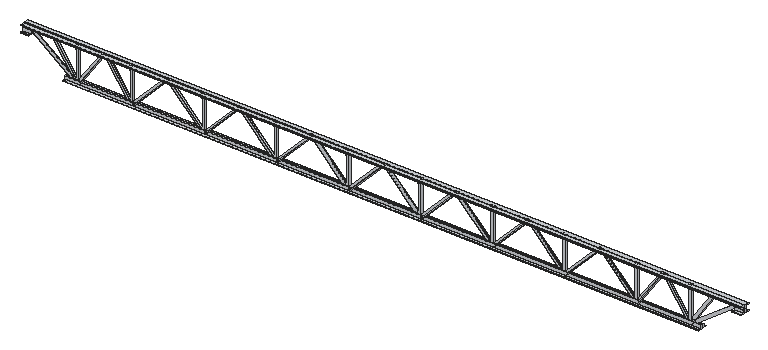
Revit family "M_Caibro da barra série LH", category Quadro estrutural, Revit 2019
Family settings
  Arredondamento do comprimento do framing estrutural = 1 mm
  Forma do corte = Não definido
  Material para o comportamento do modelo = Aço
  Exportar sempre como geometria = Sim
  Número OmniClass = 23.25.30.21.14.11
  Título OmniClass = Metal Joists
  ID de item do Seek = LH-Series Bar Joist-0000-CAN-ENU
  Sempre na vertical = Sim
  Corte com vazios quando carregada = Não
  Representação simbólica = Da família
  Compartilhado = Não
  Exibir o pré-corte da família na vista da planta = Sim
Parameters (values of type "24LH05")
  Visibilidade do membro vertical = yes
  Painel variável [instance] = (Length - (Painel final * 2) - ComprimentoMatrizPainelInt) / 2  # 915 mm
  Material estrutural = none
  Deslocamento inicial [instance] = 0 mm
  Extensão inicial [instance] = 0 mm
  M = 19
  Espessura da teia = 25 mm
  Comprimento do assento = 150 mm
  Profundidade do assento = 125 mm
  LarguraPainelInt [instance] = Linear * 2  # 1220 mm
  NumMatrizPainelInt [instance] = (ComprimentoÁreaPainel / LarguraPainelInt) - 2  # 7
  ComprimentoMatrizPainelInt [instance] = NumMatrizPainelInt * LarguraPainelInt  # 8540 mm
  ComprimentoÁreaPainel [instance] = Length - (Painel final * 2)  # 10370 mm
  Painel final = 1.5 * Linear  # 915 mm
  Deslocamento final [instance] = 0 mm
  Extensão final [instance] = 0 mm
  Perna da corda = 63.5 mm
  Espessura da corda = 12.5 mm
  Assembly Code = ""
  Length [instance] = 12200 mm
  Linear = 610 mm
Types (3, lengths in mm): name | Painel variável | M | LarguraPainelInt | NumMatrizPainelInt | ComprimentoMatrizPainelInt | ComprimentoÁreaPainel | Painel final | Extensão final | Linear
  (no name) | 915 | 19 | 1220 | 7 | 8540 | 10370 | 915 | 0 | 610
  24LH05 | 915 | 19 | 1220 | 7 | 8540 | 10370 | 915 | 0 | 610
  40LH10 | 1528 | 31 | 2032 | 3 | 6096 | 9152 | 1524 | 348.237 | 1016
Reference planes
  plane 1 "Centro (Frente/Trás)": y = 0
  plane 2: z = 0
  plane 3 "Centro (Esquerda/Direita)": x = 4.61
  plane 4 "Membro esquerdo": x = -3551.39
  plane 5 "Membro direito": x = 3560.61
  plane 6: y = 76
  plane 7: y = -76
  plane 8: z = 305
  plane 9: z = -305
  plane 10 "Esquerda": x = -6095.39
  plane 11 "Símbolo esquerdo de verga": x = -7300.39
  plane 12 "Símbolo direito de verga": x = 7380.946
  plane 13 "Direita": x = 6104.61
  plane 14: z = 180
  plane 15: x = -5945.39
  plane 16: x = -5180.39
  plane 17: x = -5380.39
  plane 18: x = 5954.61
  plane 19: x = 5189.61
  plane 20: y = 12.5
  plane 21: y = -12.5
  plane 22: z = 241.5
  plane 23: z = -241.5
  plane 24: x = 5389.61
  plane 25: x = -5562.89
  plane 26: x = -4265.39
  plane 27: x = 4274.61
  plane 28: x = 5572.11
  plane 29: z = -298.65
  plane 30: z = 298.65
  plane 31: x = -6095.39
  plane 32: x = 6104.61
  plane 33: x = -6095.39
  plane 34: x = 6104.61
  plane 35 "Esquerda do símbolo": x = -7300.39
  plane 36: x = -7300.39
  plane 37: x = 7380.946
  plane 38 "Direita do símbolo": x = 7380.946
Forms (mm)
  Extrusion 1, solid, material <- "Material estrutural", detail levels medium+fine
    sketch origin (4.61, 0, 0) x (0, 1, 0) y (0, 0, 1)
      loop
        line (76, 305) -> (12.5, 305) -> (12.5, 241.5) -> (25, 241.5) -> (25, 292.5) -> (76, 292.5) -> (76, 305)
      loop
        line (-76, 305) -> (-76, 292.5) -> (-25, 292.5) -> (-25, 241.5) -> (-12.5, 241.5) -> (-12.5, 305) -> (-76, 305)
    from -6100 to 6100
  Extrusion 2, solid, material <- "Material estrutural", detail levels medium+fine
    sketch origin (4.61, 0, 0) x (0, 1, 0) y (0, 0, 1)
      loop
        line (12.5, -241.5) -> (12.5, -305) -> (76, -305) -> (76, -292.5) -> (25, -292.5) -> (25, -241.5) -> (12.5, -241.5)
      loop
        line (-12.5, -241.5) -> (-25, -241.5) -> (-25, -292.5) -> (-76, -292.5) -> (-76, -305) -> (-12.5, -305) -> (-12.5, -241.5)
    from -5385 to 5385
  Extrusion 3, solid, material <- "Material estrutural", detail levels medium+fine
    sketch origin (4.61, 0, 0) x (0, 1, 0) y (0, 0, 1)
      loop
        line (76, 180) -> (76, 192.5) -> (25, 192.5) -> (25, 241.5) -> (12.5, 241.5) -> (12.5, 180) -> (76, 180)
      loop
        line (-76, 180) -> (-12.5, 180) -> (-12.5, 241.5) -> (-25, 241.5) -> (-25, 192.5) -> (-76, 192.5) -> (-76, 180)
    from 5950 to 6100
  Extrusion 4, solid, material <- "Material estrutural", detail levels medium+fine
    sketch origin (4.61, 0, 0) x (0, 1, 0) y (0, 0, 1)
      loop
        line (-76, 180) -> (-12.5, 180) -> (-12.5, 241.5) -> (-25, 241.5) -> (-25, 192.5) -> (-76, 192.5) -> (-76, 180)
      loop
        line (12.5, 180) -> (76, 180) -> (76, 192.5) -> (25, 192.5) -> (25, 241.5) -> (12.5, 241.5) -> (12.5, 180)
    from -6100 to -5950
  Sweep 5, solid, material <- "Material estrutural", detail levels fine
    path in 3D
      loop
        line (5189.61, 0, -298.65) -> (5954.61, 0, 241.5)
    profile "Teia-Perfil : Teia-Perfil" origin (5572.11, 0, -28.575) x (-0.57679, 0, 0.816892) y (0, -1, 0)
      loop
        line (-25.4, 18.85) -> (-25.4, 6.15) -> (25.4, 6.15) -> (25.4, 18.85) -> (-25.4, 18.85)
  Sweep 6, solid, material <- "Material estrutural", detail levels fine
    path in 3D
      loop
        line (5569.207, 0, 241.5) -> (5189.61, 0, -298.65)
    profile "Teia-Perfil : Teia-Perfil" origin (5379.409, 0, -28.575) x (0.818169, 0, -0.574978) y (0, -1, 0)
      loop
        line (-25.4, 6.35) -> (-25.4, -6.35) -> (25.4, -6.35) -> (25.4, 6.35) -> (-25.4, 6.35)
  Sweep 7, solid, material <- "Material estrutural", detail levels fine
    path in 3D
      loop
        line (-5945.39, 0, 241.5) -> (-5180.39, 0, -298.65)
    profile "Teia-Perfil : Teia-Perfil" origin (-5562.89, 0, -28.575) x (0.57679, 0, 0.816892) y (0, -1, 0)
      loop
        line (-25.4, 6.35) -> (-25.4, -6.35) -> (25.4, -6.35) -> (25.4, 6.35) -> (-25.4, 6.35)
  Sweep 8, solid, material <- "Material estrutural", detail levels fine
    path in 3D
      loop
        line (-5180.39, 0, -298.65) -> (-5562.89, 0, 241.5)
    profile "Teia-Perfil : Teia-Perfil" origin (-5371.64, 0, -28.575) x (-0.8161, 0, -0.57791) y (0, -1, 0)
      loop
        line (-25.4, 6.35) -> (-25.4, -6.35) -> (25.4, -6.35) -> (25.4, 6.35) -> (-25.4, 6.35)
Lines and regions (mm)
  symbolic lines, style "StructuralFraming", detail levels coarse
    curve 1: line (0, 76, 305) -> (0, 12.5, 305)
    curve 2: line (0, -76, -305) -> (0, -12.5, -305)
    curve 14: line (0, 12.5, -305) -> (0, 76, -305)
    curve 15: line (4.61, 12.5, -305) -> (4.61, 12.5, -241.5)
    curve 16: line (4.61, -12.5, -305) -> (4.61, -12.5, -241.5)
    curve 17: line (4.61, -12.5, 305) -> (4.61, -12.5, 241.5)
    curve 18: line (4.61, 12.5, 305) -> (4.61, 12.5, 241.5)
    curve 19: line (0, -12.5, 305) -> (0, -76, 305)
  symbolic lines, style "StructuralFraming", detail levels coarse+medium
    curve 3: line (0, 0, -305) -> (0, 0, 305)
  reference lines
    curve 4: line (-7150.39, 0, -428.508) -> (-7150.39, 0, 384.692)
    curve 5: line (-6235.39, 0, -434.858) -> (-6235.39, 0, 384.692)
    curve 6: line (7230.946, 0, -375.588) -> (7230.946, 0, 386.812)
    curve 7: line (6315.946, 0, -502.588) -> (6315.946, 0, 386.812)
  model lines, style "Caibro da teia", detail levels coarse
    curve 8: line (6315.946, 0, -305) -> (-6235.39, 0, -305)
    curve 9: line (7380.946, 0, 305) -> (-7300.39, 0, 305)
    curve 20: line (-6235.39, 0, -305) -> (-7150.39, 0, 305)
    curve 21: line (6315.946, 0, -305) -> (7230.946, 0, 305)
  model lines, style "StructuralFraming", detail levels medium
    curve 10: line (-5180.39, 0, -298.65) -> (-5562.89, 0, 241.5)
    curve 11: line (-5945.39, 0, 241.5) -> (-5180.39, 0, -298.65)
    curve 12: line (5569.207, 0, 241.5) -> (5189.61, 0, -298.65)
    curve 13: line (5189.61, 0, -298.65) -> (5954.61, 0, 241.5)
  sketch lines
    curve 22: line (5189.61, 0, -298.65) -> (5954.61, 0, 241.5)
    curve 23: line (5569.207, 0, 241.5) -> (5189.61, 0, -298.65)
    curve 24: line (-5945.39, 0, 241.5) -> (-5180.39, 0, -298.65)
    curve 25: line (-5180.39, 0, -298.65) -> (-5562.89, 0, 241.5)
  symbolic lines, style "StructuralFraming", detail levels fine
    curve 26: line (4.61, 12.5, 241.5) -> (4.61, 12.5, -241.5)
    curve 27: line (4.61, -12.5, -241.5) -> (4.61, -12.5, 241.5)
    curve 28: line (4.61, 12.5, -298.65) -> (4.61, -12.5, -298.65)
  symbolic lines, detail levels fine
    curve 29: line (4.61, 12.5, 298.65) -> (4.61, -12.5, 298.65)
Dimensions and locks
  equal spacing: plane 9, plane 2, plane 8
  "Length": plane 10 "Esquerda" to plane 13 "Direita"
  equal spacing: plane 10 "Esquerda", plane 3 "Centro (Esquerda/Direita)", plane 13 "Direita"
  "Painel final": curve 5 to curve 4
  "Painel final": curve 6 to curve 7
  "Linear": plane 9 to plane 8
  "Profundidade do assento": plane 8 to plane 14
  locked: plane 17 to plane 16 at 200
  "Painel final": plane 10 "Esquerda" to plane 16
  "Painel final": plane 13 "Direita" to plane 19
  "Espessura da teia": plane 20 to plane 21
  equal spacing: plane 20, plane 1 "Centro (Frente/Trás)", plane 21
  "Perna da corda": plane 21 to plane 7
  "Perna da corda": plane 6 to plane 20
  "Perna da corda": plane 9 to plane 23
  "Perna da corda": plane 22 to plane 8
  "Espessura da corda": plane 8 to Extrusion 1 sketch curve
  "Espessura da corda": Extrusion 1 sketch curve to plane 8
  "Espessura da corda": plane 21 to Extrusion 1 sketch curve
  "Espessura da corda": Extrusion 1 sketch curve to plane 20
  "Espessura da corda": plane 9 to Extrusion 2 sketch curve  (x2)
  "Espessura da corda": Extrusion 2 sketch curve to plane 20
  "Espessura da corda": plane 21 to Extrusion 2 sketch curve
  locked: plane 19 to plane 24 at 200
  "Espessura da corda": plane 14 to Extrusion 3 sketch curve  (x2)
  "Espessura da corda": plane 21 to Extrusion 3 sketch curve
  "Espessura da corda": Extrusion 3 sketch curve to plane 20
  "Espessura da corda": plane 14 to Extrusion 4 sketch curve  (x2)
  "Espessura da corda": Extrusion 4 sketch curve to plane 20
  "Espessura da corda": plane 21 to Extrusion 4 sketch curve
  locked: plane 29 to plane 9 at 6.35
  locked: plane 8 to plane 30 at 6.35
  equal spacing: plane 16, plane 25, plane 15
  equal spacing: plane 18, plane 28, plane 19
  "ComprimentoMatrizPainelInt": plane 27 to plane 26
  equal spacing: group 1, group 3, group 4, group 5, group 6, group 7, group 2  (x2)
  equal spacing: group 2, group 7, group 6, group 5, group 4, group 3, group 1
  equal spacing: plane 27, plane 3 "Centro (Esquerda/Direita)", plane 26
  "Deslocamento inicial": plane 10 "Esquerda" to plane 33
  "Comprimento do assento": plane 33 to plane 15
  "Extensão inicial": plane 31 to plane 33
  "Deslocamento final": plane 13 "Direita" to plane 34
  "Extensão inicial": plane 32 to plane 34
  "Comprimento do assento": plane 34 to plane 18
  "Comprimento do assento": curve 4 to plane 36
  "Extensão inicial": plane 36 to plane 35 "Esquerda do símbolo"
  "Deslocamento inicial": plane 36 to plane 11 "Símbolo esquerdo de verga"
  "Comprimento do assento": plane 37 to curve 6
  "Extensão final": plane 38 "Direita do símbolo" to plane 37
  "Deslocamento final": plane 12 "Símbolo direito de verga" to plane 37
  aligned and locked: curve 8 to plane 9
  aligned and locked: curve 5 to curve 8
  aligned and locked: curve 7 to curve 8
  aligned and locked: plane 8 to Extrusion 1 sketch curve
  aligned and locked: Extrusion 1 sketch curve to plane 8
  aligned and locked: plane 6 to Extrusion 1 sketch curve
  aligned and locked: plane 7 to Extrusion 1 sketch curve
  aligned and locked: Extrusion 1 sketch curve to plane 22
  aligned and locked: plane 22 to Extrusion 1 sketch curve
  aligned and locked: plane 9 to Extrusion 2 sketch curve
  aligned and locked: Extrusion 2 sketch curve to plane 9
  aligned and locked: plane 6 to Extrusion 2 sketch curve
  aligned and locked: plane 7 to Extrusion 2 sketch curve
  aligned and locked: plane 20 to Extrusion 2 sketch curve
  aligned and locked: plane 21 to Extrusion 2 sketch curve
  aligned and locked: Extrusion 2 sketch curve to plane 23
  aligned and locked: plane 23 to Extrusion 2 sketch curve
  aligned and locked: plane 24 to Extrusion 2
  aligned and locked: plane 17 to Extrusion 2
  aligned and locked: Extrusion 3 sketch curve to plane 7
  aligned and locked: plane 14 to Extrusion 3 sketch curve
  aligned and locked: Extrusion 3 sketch curve to plane 14
  aligned and locked: Extrusion 3 sketch curve to plane 6
  aligned and locked: Extrusion 3 sketch curve to plane 21
  aligned and locked: Extrusion 3 sketch curve to plane 20
  aligned and locked: Extrusion 3 sketch curve to plane 22
  aligned and locked: plane 22 to Extrusion 3 sketch curve
  aligned and locked: Extrusion 3 to plane 18
  aligned and locked: plane 6 to Extrusion 4 sketch curve
  aligned and locked: Extrusion 4 sketch curve to plane 7
  aligned and locked: Extrusion 4 sketch curve to plane 20
  aligned and locked: plane 21 to Extrusion 4 sketch curve
  aligned and locked: plane 22 to Extrusion 4 sketch curve  (x2)
  aligned and locked: Extrusion 4 sketch curve to plane 14  (x2)
  aligned and locked: plane 15 to Extrusion 4
  aligned and locked: curve 15 to Extrusion 2
  aligned and locked: curve 2 to curve 16
  aligned and locked: Extrusion 2 to curve 16
  aligned and locked: Extrusion 1 to curve 17
  aligned and locked: curve 17 to Extrusion 1
  aligned and locked: curve 18 to Extrusion 1  (x2)
  aligned and locked: curve 1 to Extrusion 1
  aligned and locked: plane 1 "Centro (Frente/Trás)" to nested 1
  aligned and locked: plane 26 to nested 1
  aligned and locked: plane 27 to nested 2
  aligned and locked: plane 1 "Centro (Frente/Trás)" to nested 4
  aligned and locked: nested 4 to plane 16
  aligned and locked: Extrusion 4 to curve 11
  aligned and locked: curve 13 to Extrusion 3
  aligned and locked: plane 25 to curve 10
  aligned and locked: curve 4 to curve 20
  aligned and locked: curve 6 to curve 21
  aligned and locked: plane 31 to Extrusion 1
  aligned and locked: plane 31 to Extrusion 4
  aligned and locked: Extrusion 1 to plane 32
  aligned and locked: Extrusion 3 to plane 32
  aligned and locked: plane 9 to nested 4
  aligned and locked: plane 9 to nested 1
  aligned and locked: plane 1 "Centro (Frente/Trás)" to nested 5
  aligned and locked: nested 5 to plane 27
  aligned and locked: plane 9 to nested 5
  aligned and locked: plane 35 "Esquerda do símbolo" to curve 9
  aligned and locked: plane 38 "Direita do símbolo" to curve 9
Automatic sketch dimensions
  Extrusion 1 sketch curve to plane 21 = 0 mm
  Extrusion 1 sketch curve to plane 20 = 0 mm
  curve 14 to plane 6 = 0 mm
  curve 1 to plane 6 = 0 mm
  curve 14 to plane 9 = 0 mm
  curve 14 to plane 20 = 0 mm
  curve 1 to plane 20 = 0 mm
  curve 19 to plane 8 = 0 mm
  curve 19 to plane 21 = 0 mm
  curve 19 to plane 7 = 0 mm
  curve 2 to plane 7 = 0 mm
  curve 2 to plane 9 = 0 mm
  curve 2 to plane 21 = 0 mm
  curve 3 to plane 1 "Centro (Frente/Trás)" = 0 mm
  curve 3 to plane 9 = 0 mm
  curve 15 to plane 9 = 0 mm
  curve 28 to plane 29 = 0 mm
  curve 16 to plane 23 = 0 mm
  curve 26 to plane 23 = 0 mm
  curve 26 to plane 22 = 0 mm
  curve 17 to plane 22 = 0 mm
  curve 29 to plane 30 = 0 mm
  curve 3 to plane 8 = 0 mm
  curve 4 to plane 8 = 79.692 mm
  plane 9 to curve 7 = 197.588 mm
  plane 9 to curve 5 = 129.858 mm
  plane 9 to curve 4 = 123.508 mm
  plane 9 to curve 6 = 70.588 mm
  curve 5 to plane 8 = 79.692 mm
  curve 7 to plane 8 = 81.812 mm
  curve 6 to plane 8 = 81.812 mm
  curve 11 to plane 15 = 0 mm
  plane 16 to curve 10 = 0 mm
  curve 12 to plane 19 = 0 mm
  curve 12 to plane 22 = 0 mm
  curve 13 to plane 18 = 0 mm
  curve 10 to plane 29 = 0 mm
  curve 13 to plane 29 = 0 mm
  curve 10 to plane 22 = 0 mm
  curve 20 to plane 8 = 0 mm
  plane 28 to curve 12 = 2.903 mm
Nested families
  nested 1: "Teia angular" at (-4265.39, 0, 0), type "Teia angular"
  nested 2: "Teia angular" at (3054.61, 0, -0.2), type "Teia angular"
  nested 3: "Teia angular" at (-3045.39, 0, -0.033), type "Teia angular"
  nested 4: "Teia angular-Variável-Esquerda" at (-5180.39, 0, 0), LarguraPainel <- "Painel variável", type "Teia angular-Variável-Esquerda"
    with LarguraPainel 915 mm
  nested 5: "Teia angular-Variável-Direita" at (4274.61, 0, 0), LarguraPainel <- "Painel variável", type "Teia angular-Variável-Direita"
    with LarguraPainel 915 mm, Espessura da teia 12.5 mm, Espessura 25 mm, AlturaPainel 610 mm
  nested 6: "Teia angular" at (-1825.39, 0, -0.067), type "Teia angular"
  nested 7: "Teia angular" at (-605.39, 0, -0.1), type "Teia angular"
  nested 8: "Teia angular" at (614.61, 0, -0.133), type "Teia angular"
  nested 9: "Teia angular" at (1834.61, 0, -0.167), type "Teia angular"
Definition of nested family "Teia angular"
  Parameters
    MaterialTeia = none
    Espessura da teia = Espessura / 2  # 12.5 mm
    Deslocamento da teia = Perna da teia / 2  # 25.4 mm
    Perna da teia = 50.8 mm
    Visibilidade do membro vertical = yes
    Espessura = 25 mm
    AlturaPainel = 610 mm
    LarguraPainel = 1220 mm
    Assembly Code = ""
  Reference planes
    plane 1 "Centro (Frente/Trás)": y = 0
    plane 2: z = 0
    plane 3 "Centro (Esquerda/Direita)": x = 0
    plane 4: x = 1220
    plane 5: x = 610
    plane 6: z = -305
    plane 7: z = -279.6
    plane 8: z = 280
    plane 9: z = 305
    plane 10: y = -12.5
    plane 11: y = 12.5
    plane 12: z = 241.5
    plane 13: z = -241.5
  Forms (mm)
    Sweep 1, solid, material <- "MaterialTeia", detail levels fine
      path in 3D
        loop
          line (0, 0, -279.6) -> (25.4, 0, -279.6) -> (584.6, 0, 280) -> (635.4, 0, 280)
      profile origin (12.7, 0, -279.6) x (0, 0, 1) y (0, -1, 0)
        loop
          line (25.4, 0) -> (25.4, 12.5) -> (-25.4, 12.5) -> (-25.4, 0) -> (25.4, 0)
    Sweep 2, solid, material <- "MaterialTeia", detail levels fine
      path in 3D
        loop
          line (1220, 0, -279.6) -> (1194.6, 0, -279.6) -> (635.4, 0, 280) -> (584.6, 0, 280)
      profile origin (1207.3, 0, -279.6) x (0, 0, -1) y (0, -1, 0)
        loop
          line (-25.4, -12.5) -> (25.4, -12.5) -> (25.4, 0) -> (-25.4, 0) -> (-25.4, -12.5)
    Sweep 3, solid, material <- "MaterialTeia", detail levels fine
      path in 3D
        loop
          line (99.404, -12.5, -241.477) -> (582.431, -12.5, 241.895)
      profile origin (340.917, -12.5, 0.209) x (-0.70736, 0, 0.706854) y (0, -1, 0)
        loop
          line (0, 0) -> (12.5, 0) -> (12.5, 38.3) -> (0, 38.3) -> (0, 0)
    Sweep 4, solid, material <- "MaterialTeia", detail levels fine
      path in 3D
        loop
          line (1120.596, 12.5, -241.477) -> (637.569, 12.5, 241.895)
      profile origin (879.083, 12.5, 0.209) x (0.70736, 0, 0.706854) y (0, 1, 0)
        loop
          line (0, 0) -> (12.5, 0) -> (12.5, 38.3) -> (0, 38.3) -> (0, 0)
    Sweep 5, solid, material <- "MaterialTeia", visible <- "Visibilidade do membro vertical", detail levels fine
      path origin (0, 0, 0) x (1, 0, 0) y (0, 1, 0)
        loop
          line (1220, 12.5) -> (1220, -12.5)
      profile origin (1220, 0, 0) x (1, 0, 0) y (0, 0, 1)
        loop
          line (-25.4, 305) -> (-25.4, 222.45) -> (-14.561, 211.611) -> (-14.561, -211.611) -> (-25.4, -222.45) -> (-25.4, -305) -> (25.4, -305) -> (25.4, 305) -> (-25.4, 305)
  Cuts and joins
    joined: Sweep 1, Sweep 3
    joined: Sweep 2, Sweep 4
  Lines and regions (mm)
    model lines, detail levels medium+fine
      curve 1: line (0, 0, -305) -> (0, 0, 305)
      curve 2: line (0, 0, 305) -> (1220, 0, 305)
      curve 3: line (1220, 0, 305) -> (1220, 0, -305)
      curve 4: line (1220, 0, -305) -> (0, 0, -305)
    model lines, detail levels medium
      curve 5: line (584.6, 0, 280) -> (635.4, 0, 280)
      curve 6: line (0, 0, -279.6) -> (25.4, 0, -279.6)
      curve 7: line (1220, 0, -279.6) -> (1194.6, 0, -279.6)
      curve 8: line (25.4, 0, -279.6) -> (584.6, 0, 280)
      curve 9: line (635.4, 0, 280) -> (1194.6, 0, -279.6)
    sketch lines
      curve 10: line (0, 0, -279.6) -> (25.4, 0, -279.6)
      curve 11: line (25.4, 0, -279.6) -> (584.6, 0, 280)
      curve 12: line (584.6, 0, 280) -> (635.4, 0, 280)
      curve 13: line (1220, 0, -279.6) -> (1194.6, 0, -279.6)
      curve 14: line (635.4, 0, 280) -> (1194.6, 0, -279.6)
      curve 15: line (584.6, 0, 280) -> (635.4, 0, 280)
      curve 16: line (99.404, -12.5, -241.477) -> (582.431, -12.5, 241.895)
      curve 17: line (1120.596, 12.5, -241.477) -> (637.569, 12.5, 241.895)
    model lines, visible <- "Visibilidade do membro vertical", detail levels medium
      curve 18: line (1220, 0, 305) -> (1220, 0, -305)
  Dimensions and locks
    "LarguraPainel": plane 4 to plane 3 "Centro (Esquerda/Direita)"
    equal spacing: plane 4, plane 5, plane 3 "Centro (Esquerda/Direita)"
    plane 7 to plane 6 = 25.4 mm
    "Espessura": plane 9 to plane 8
    "AlturaPainel": plane 9 to plane 6
    equal spacing: plane 9, plane 2, plane 6
    "Espessura": plane 11 to plane 10
    equal spacing: plane 11, plane 1 "Centro (Frente/Trás)", plane 10
    locked: plane 9 to plane 12 at 63.5
    plane 13 to plane 6 = 63.5 mm
    "Deslocamento da teia": plane 7 to plane 6
    "Deslocamento da teia": curve 6 to plane 3 "Centro (Esquerda/Direita)"
    "Deslocamento da teia": curve 7 to plane 4
    "Deslocamento da teia": plane 5 to curve 5
    "Deslocamento da teia": curve 5 to plane 5
    "Perna da teia": Sweep 1 sketch curve to Sweep 1 sketch curve
    equal spacing: Sweep 1 sketch curve, plane 7, Sweep 1 sketch curve
    equal spacing: Sweep 2 sketch curve, profile plane, Sweep 2 sketch curve
    "Perna da teia": Sweep 2 sketch curve to Sweep 2 sketch curve
    "Perna da teia": plane 1 "Centro (Frente/Trás)" to Sweep 3 sketch curve
    "Espessura da teia": Sweep 3 sketch curve to Sweep 3 sketch curve
    "Perna da teia": plane 1 "Centro (Frente/Trás)" to Sweep 4 sketch curve
    "Espessura da teia": Sweep 4 sketch curve to Sweep 4 sketch curve
    equal spacing: Sweep 5 sketch curve, plane 4, Sweep 5 sketch curve  (x2)
    "Perna da teia": Sweep 5 sketch curve to Sweep 5 sketch curve
    locked: Sweep 5 sketch curve to Sweep 5 sketch curve at 82.55  (x2)
    equal spacing: Sweep 5 sketch curve, plane 2, Sweep 5 sketch curve
    locked: Sweep 5 sketch curve to Sweep 5 sketch curve at 10.839  (x2)
    locked: Sweep 5 sketch curve to Sweep 5 sketch curve (angle 135.00°)  (x2)
    aligned and locked: plane 8 to curve 5
    aligned and locked: curve 7 to plane 7
    aligned and locked: plane 7 to curve 6
    aligned and locked: plane 9 to curve 2
    aligned and locked: plane 10 to Sweep 1 sketch curve
    aligned and locked: Sweep 1 sketch curve to plane 1 "Centro (Frente/Trás)"
    aligned and locked: Sweep 2 sketch curve to plane 11
    aligned and locked: profile plane to Sweep 2 sketch curve
    aligned and locked: Sweep 1 to curve 16
    aligned and locked: Sweep 3 sketch curve to profile plane
    aligned and locked: plane 10 to Sweep 3 sketch curve
    aligned and locked: Sweep 4 sketch curve to plane 11
    aligned and locked: profile plane to Sweep 4 sketch curve
    aligned and locked: plane 11 to Sweep 5 sketch curve
    aligned and locked: plane 10 to Sweep 5 sketch curve
    aligned and locked: plane 4 to Sweep 5 sketch curve
    aligned and locked: plane 9 to Sweep 5 sketch curve
    aligned and locked: plane 4 to curve 3
    aligned and locked: plane 3 "Centro (Esquerda/Direita)" to curve 1
    aligned and locked: curve 18 to plane 9
    aligned and locked: plane 6 to curve 18
Definition of nested family "Teia angular-Variável-Esquerda"
  Parameters
    MaterialTeia = none
    Espessura da teia = Espessura / 2  # 12.5 mm
    Deslocamento da teia = Perna da teia / 2  # 25.4 mm
    Perna da teia = 50.8 mm
    Visibilidade do membro vertical = yes
    Espessura = 25 mm
    AlturaPainel = 610 mm
    LarguraPainel [instance] = 1524 mm
    Assembly Code = ""
  Reference planes
    plane 1 "Centro (Frente/Trás)": y = 0
    plane 2: z = 0
    plane 3 "Centro (Esquerda/Direita)": x = 0
    plane 4: x = 1524
    plane 5: x = 762
    plane 6: z = -305
    plane 7: z = -279.6
    plane 8: z = 280
    plane 9: z = 305
    plane 10: y = -12.5
    plane 11: y = 12.5
    plane 12: z = 241.5
    plane 13: z = -241.5
  Forms (mm)
    Sweep 1, solid, material <- "MaterialTeia", detail levels fine
      path in 3D
        loop
          line (0, 0, -279.6) -> (25.4, 0, -279.6) -> (736.6, 0, 280) -> (787.4, 0, 280)
      profile origin (12.7, 0, -279.6) x (0, 0, 1) y (0, -1, 0)
        loop
          line (25.4, 0) -> (25.4, 12.5) -> (-25.4, 12.5) -> (-25.4, 0) -> (25.4, 0)
    Sweep 2, solid, material <- "MaterialTeia", detail levels fine
      path in 3D
        loop
          line (1524, 0, -279.6) -> (1498.6, 0, -279.6) -> (787.4, 0, 280) -> (736.6, 0, 280)
      profile origin (1511.3, 0, -279.6) x (0, 0, -1) y (0, -1, 0)
        loop
          line (-25.4, -12.5) -> (25.4, -12.5) -> (25.4, 0) -> (-25.4, 0) -> (-25.4, -12.5)
    Sweep 3, solid, material <- "MaterialTeia", detail levels fine
      path in 3D
        loop
          line (104.77, -12.5, -249.469) -> (731.28, -12.5, 243.494)
      profile origin (418.025, -12.5, -2.988) x (-0.618368, 0, 0.785889) y (0, -1, 0)
        loop
          line (0, 0) -> (12.5, 0) -> (12.5, 38.3) -> (0, 38.3) -> (0, 0)
    Sweep 4, solid, material <- "MaterialTeia", detail levels fine
      path in 3D
        loop
          line (1419.23, 12.5, -249.469) -> (792.72, 12.5, 243.494)
      profile origin (1105.975, 12.5, -2.988) x (0.618368, 0, 0.785889) y (0, 1, 0)
        loop
          line (0, 0) -> (12.5, 0) -> (12.5, 38.3) -> (0, 38.3) -> (0, 0)
    Sweep 5, solid, material <- "MaterialTeia", visible <- "Visibilidade do membro vertical", detail levels fine
      path origin (0, 0, 0) x (1, 0, 0) y (0, 1, 0)
        loop
          line (0, 12.5) -> (0, -12.5)
      profile origin (0, 0, 0) x (1, 0, 0) y (0, 0, 1)
        loop
          line (-25.4, 305) -> (-25.4, 222.45) -> (-14.287, 211.338) -> (-14.288, -211.338) -> (-25.4, -222.45) -> (-25.4, -305) -> (25.4, -305) -> (25.4, 305) -> (-25.4, 305)
    Sweep 6, solid, material <- "MaterialTeia", visible <- "Visibilidade do membro vertical", detail levels fine
      path origin (0, 0, 0) x (1, 0, 0) y (0, 1, 0)
        loop
          line (1524, 12.5) -> (1524, -12.5)
      profile origin (1524, 0, 0) x (1, 0, 0) y (0, 0, 1)
        loop
          line (-25.4, 305) -> (-25.4, 222.45) -> (-14.288, 211.338) -> (-14.288, -211.338) -> (-25.4, -222.45) -> (-25.4, -305) -> (25.4, -305) -> (25.4, 305) -> (-25.4, 305)
  Cuts and joins
    joined: Sweep 1, Sweep 3
    joined: Sweep 2, Sweep 4
  Lines and regions (mm)
    model lines, detail levels medium+fine
      curve 1: line (0, 0, -305) -> (0, 0, 305)
      curve 2: line (0, 0, 305) -> (1524, 0, 305)
      curve 3: line (1524, 0, 305) -> (1524, 0, -305)
      curve 4: line (1524, 0, -305) -> (0, 0, -305)
    model lines, detail levels medium
      curve 5: line (736.6, 0, 280) -> (787.4, 0, 280)
      curve 6: line (0, 0, -279.6) -> (25.4, 0, -279.6)
      curve 7: line (1524, 0, -279.6) -> (1498.6, 0, -279.6)
      curve 8: line (25.4, 0, -279.6) -> (736.6, 0, 280)
      curve 9: line (787.4, 0, 280) -> (1498.6, 0, -279.6)
    sketch lines
      curve 10: line (0, 0, -279.6) -> (25.4, 0, -279.6)
      curve 11: line (25.4, 0, -279.6) -> (736.6, 0, 280)
      curve 12: line (736.6, 0, 280) -> (787.4, 0, 280)
      curve 13: line (1524, 0, -279.6) -> (1498.6, 0, -279.6)
      curve 14: line (787.4, 0, 280) -> (1498.6, 0, -279.6)
      curve 15: line (736.6, 0, 280) -> (787.4, 0, 280)
      curve 16: line (104.77, -12.5, -249.469) -> (731.28, -12.5, 243.494)
      curve 17: line (1419.23, 12.5, -249.469) -> (792.72, 12.5, 243.494)
    model lines, visible <- "Visibilidade do membro vertical", detail levels medium
      curve 18: line (0, 0, -305) -> (0, 0, 305)
      curve 19: line (1524, 0, 305) -> (1524, 0, -305)
  Dimensions and locks
    "LarguraPainel": plane 4 to plane 3 "Centro (Esquerda/Direita)"
    equal spacing: plane 4, plane 5, plane 3 "Centro (Esquerda/Direita)"
    plane 7 to plane 6 = 25.4 mm
    "Espessura": plane 9 to plane 8
    "AlturaPainel": plane 9 to plane 6
    equal spacing: plane 9, plane 2, plane 6
    "Espessura": plane 11 to plane 10
    equal spacing: plane 11, plane 1 "Centro (Frente/Trás)", plane 10
    locked: plane 9 to plane 12 at 63.5
    plane 13 to plane 6 = 63.5 mm
    "Deslocamento da teia": plane 7 to plane 6
    "Deslocamento da teia": curve 6 to plane 3 "Centro (Esquerda/Direita)"
    "Deslocamento da teia": curve 7 to plane 4
    "Deslocamento da teia": plane 5 to curve 5
    "Deslocamento da teia": curve 5 to plane 5
    "Perna da teia": Sweep 1 sketch curve to Sweep 1 sketch curve
    equal spacing: Sweep 1 sketch curve, plane 7, Sweep 1 sketch curve
    equal spacing: Sweep 2 sketch curve, profile plane, Sweep 2 sketch curve
    "Perna da teia": Sweep 2 sketch curve to Sweep 2 sketch curve
    "Perna da teia": plane 1 "Centro (Frente/Trás)" to Sweep 3 sketch curve
    "Espessura da teia": Sweep 3 sketch curve to Sweep 3 sketch curve
    "Perna da teia": plane 1 "Centro (Frente/Trás)" to Sweep 4 sketch curve
    "Espessura da teia": Sweep 4 sketch curve to Sweep 4 sketch curve
    locked: Sweep 5 sketch curve to Sweep 5 sketch curve at 82.55  (x2)
    equal spacing: Sweep 5 sketch curve, plane 3 "Centro (Esquerda/Direita)", Sweep 5 sketch curve  (x2)
    "Perna da teia": Sweep 5 sketch curve to Sweep 5 sketch curve
    locked: Sweep 5 sketch curve to Sweep 5 sketch curve at 11.112  (x2)
    equal spacing: Sweep 6 sketch curve, plane 4, Sweep 6 sketch curve  (x2)
    "Perna da teia": Sweep 6 sketch curve to Sweep 6 sketch curve
    locked: Sweep 6 sketch curve to Sweep 6 sketch curve at 82.55
    Sweep 6 sketch curve to Sweep 6 sketch curve = 82.55 mm
    locked: Sweep 6 sketch curve to Sweep 6 sketch curve at 11.112
    locked: Sweep 5 sketch curve to Sweep 5 sketch curve (angle 135.00°)  (x2)
    locked: Sweep 6 sketch curve to Sweep 6 sketch curve (angle 135.00°)  (x2)
    aligned and locked: plane 8 to curve 5
    aligned and locked: curve 7 to plane 7
    aligned and locked: plane 7 to curve 6
    aligned and locked: plane 9 to curve 2
    aligned and locked: plane 10 to Sweep 1 sketch curve
    aligned and locked: Sweep 1 sketch curve to plane 1 "Centro (Frente/Trás)"
    aligned and locked: Sweep 2 sketch curve to plane 11
    aligned and locked: profile plane to Sweep 2 sketch curve
    aligned and locked: Sweep 1 to curve 16
    aligned and locked: Sweep 3 sketch curve to profile plane
    aligned and locked: plane 10 to Sweep 3 sketch curve
    aligned and locked: Sweep 4 sketch curve to plane 11
    aligned and locked: profile plane to Sweep 4 sketch curve
    aligned and locked: Sweep 5 sketch curve to plane 3 "Centro (Esquerda/Direita)"
    aligned and locked: plane 11 to Sweep 5 sketch curve
    aligned and locked: plane 10 to Sweep 5 sketch curve
    aligned and locked: Sweep 5 sketch curve to plane 9
    aligned and locked: Sweep 5 sketch curve to plane 6
    aligned and locked: plane 11 to Sweep 6 sketch curve
    aligned and locked: plane 10 to Sweep 6 sketch curve
    aligned and locked: plane 4 to Sweep 6 sketch curve
    aligned and locked: plane 9 to Sweep 6 sketch curve
    aligned and locked: Sweep 6 sketch curve to plane 6
    aligned and locked: plane 3 "Centro (Esquerda/Direita)" to curve 1
    aligned and locked: curve 4 to plane 6
    aligned and locked: plane 4 to curve 19
    aligned and locked: curve 2 to curve 19
    aligned and locked: curve 4 to curve 18
Definition of nested family "Teia angular-Variável-Direita"
  Parameters
    MaterialTeia = none
    Espessura da teia = Espessura / 2  # 12.7 mm
    Deslocamento da teia = Perna da teia / 2  # 25.4 mm
    Perna da teia = 50.8 mm
    Visibilidade do membro vertical = yes
    Espessura = 25.4 mm
    AlturaPainel = 609.6 mm
    LarguraPainel [instance] = 1524 mm
    Assembly Code = ""
  Reference planes
    plane 1 "Centro (Frente/Trás)": y = 0
    plane 2: z = 0
    plane 3 "Centro (Esquerda/Direita)": x = 0
    plane 4: x = 1524
    plane 5: x = 762
    plane 6: z = -304.8
    plane 7: z = -279.4
    plane 8: z = 279.4
    plane 9: z = 304.8
    plane 10: y = -12.7
    plane 11: y = 12.7
    plane 12: z = 241.3
    plane 13: z = -241.3
  Forms (mm)
    Sweep 1, solid, material <- "MaterialTeia", detail levels fine
      path in 3D
        loop
          line (0, 0, -279.4) -> (25.4, 0, -279.4) -> (736.6, 0, 279.4) -> (787.4, 0, 279.4)
      profile origin (12.7, 0, -279.4) x (0, 0, 1) y (0, -1, 0)
        loop
          line (25.4, 0) -> (25.4, 12.7) -> (-25.4, 12.7) -> (-25.4, 0) -> (25.4, 0)
    Sweep 2, solid, material <- "MaterialTeia", detail levels fine
      path in 3D
        loop
          line (1524, 0, -279.4) -> (1498.6, 0, -279.4) -> (787.4, 0, 279.4) -> (736.6, 0, 279.4)
      profile origin (1511.3, 0, -279.4) x (0, 0, -1) y (0, -1, 0)
        loop
          line (-25.4, -12.7) -> (25.4, -12.7) -> (25.4, 0) -> (-25.4, 0) -> (-25.4, -12.7)
    Sweep 3, solid, material <- "MaterialTeia", detail levels fine
      path in 3D
        loop
          line (104.798, -12.7, -249.318) -> (731.262, -12.7, 242.904)
      profile origin (418.03, -12.7, -3.207) x (-0.617822, 0, 0.786318) y (0, -1, 0)
        loop
          line (0, 0) -> (12.7, 0) -> (12.7, 38.1) -> (0, 38.1) -> (0, 0)
    Sweep 4, solid, material <- "MaterialTeia", detail levels fine
      path in 3D
        loop
          line (1419.202, 12.7, -249.318) -> (792.738, 12.7, 242.904)
      profile origin (1105.97, 12.7, -3.207) x (0.617822, 0, 0.786318) y (0, 1, 0)
        loop
          line (0, 0) -> (12.7, 0) -> (12.7, 38.1) -> (0, 38.1) -> (0, 0)
    Sweep 5, solid, material <- "MaterialTeia", visible <- "Visibilidade do membro vertical", detail levels fine
      path origin (0, 0, 0) x (1, 0, 0) y (0, 1, 0)
        loop
          line (1524, 12.7) -> (1524, -12.7)
      profile origin (1524, 0, 0) x (1, 0, 0) y (0, 0, 1)
        loop
          line (-25.4, 304.8) -> (-25.4, 222.25) -> (-14.288, 211.138) -> (-14.288, -211.138) -> (-25.4, -222.25) -> (-25.4, -304.8) -> (25.4, -304.8) -> (25.4, 304.8) -> (-25.4, 304.8)
  Cuts and joins
    joined: Sweep 1, Sweep 3
    joined: Sweep 2, Sweep 4
  Lines and regions (mm)
    model lines, detail levels medium+fine
      curve 1: line (0, 0, -304.8) -> (0, 0, 304.8)
      curve 2: line (0, 0, 304.8) -> (1524, 0, 304.8)
      curve 3: line (1524, 0, 304.8) -> (1524, 0, -304.8)
      curve 4: line (1524, 0, -304.8) -> (0, 0, -304.8)
    model lines, detail levels medium
      curve 5: line (736.6, 0, 279.4) -> (787.4, 0, 279.4)
      curve 6: line (0, 0, -279.4) -> (25.4, 0, -279.4)
      curve 7: line (1524, 0, -279.4) -> (1498.6, 0, -279.4)
      curve 8: line (25.4, 0, -279.4) -> (736.6, 0, 279.4)
      curve 9: line (787.4, 0, 279.4) -> (1498.6, 0, -279.4)
    sketch lines
      curve 10: line (0, 0, -279.4) -> (25.4, 0, -279.4)
      curve 11: line (25.4, 0, -279.4) -> (736.6, 0, 279.4)
      curve 12: line (736.6, 0, 279.4) -> (787.4, 0, 279.4)
      curve 13: line (1524, 0, -279.4) -> (1498.6, 0, -279.4)
      curve 14: line (787.4, 0, 279.4) -> (1498.6, 0, -279.4)
      curve 15: line (736.6, 0, 279.4) -> (787.4, 0, 279.4)
      curve 16: line (104.798, -12.7, -249.318) -> (731.262, -12.7, 242.904)
      curve 17: line (1419.202, 12.7, -249.318) -> (792.738, 12.7, 242.904)
    model lines, visible <- "Visibilidade do membro vertical", detail levels medium
      curve 18: line (1524, 0, 304.8) -> (1524, 0, -304.8)
  Dimensions and locks
    "LarguraPainel": plane 4 to plane 3 "Centro (Esquerda/Direita)"
    equal spacing: plane 4, plane 5, plane 3 "Centro (Esquerda/Direita)"
    plane 7 to plane 6 = 25.4 mm
    "Espessura": plane 9 to plane 8
    "AlturaPainel": plane 9 to plane 6
    equal spacing: plane 9, plane 2, plane 6
    "Espessura": plane 11 to plane 10
    equal spacing: plane 11, plane 1 "Centro (Frente/Trás)", plane 10
    locked: plane 9 to plane 12 at 63.5
    plane 13 to plane 6 = 63.5 mm
    "Deslocamento da teia": plane 7 to plane 6
    "Deslocamento da teia": curve 6 to plane 3 "Centro (Esquerda/Direita)"
    "Deslocamento da teia": curve 7 to plane 4
    "Deslocamento da teia": plane 5 to curve 5
    "Deslocamento da teia": curve 5 to plane 5
    "Perna da teia": Sweep 1 sketch curve to Sweep 1 sketch curve
    equal spacing: Sweep 1 sketch curve, plane 7, Sweep 1 sketch curve
    equal spacing: Sweep 2 sketch curve, profile plane, Sweep 2 sketch curve
    "Perna da teia": Sweep 2 sketch curve to Sweep 2 sketch curve
    "Perna da teia": plane 1 "Centro (Frente/Trás)" to Sweep 3 sketch curve
    "Espessura da teia": Sweep 3 sketch curve to Sweep 3 sketch curve
    "Perna da teia": plane 1 "Centro (Frente/Trás)" to Sweep 4 sketch curve
    "Espessura da teia": Sweep 4 sketch curve to Sweep 4 sketch curve
    equal spacing: Sweep 5 sketch curve, plane 4, Sweep 5 sketch curve  (x2)
    locked: Sweep 5 sketch curve to Sweep 5 sketch curve at 82.55  (x2)
    "Perna da teia": Sweep 5 sketch curve to Sweep 5 sketch curve
    locked: Sweep 5 sketch curve to Sweep 5 sketch curve at 11.113
    locked: Sweep 5 sketch curve to Sweep 5 sketch curve (angle 135.00°)  (x2)
    aligned and locked: plane 8 to curve 5
    aligned and locked: curve 7 to plane 7
    aligned and locked: plane 7 to curve 6
    aligned and locked: plane 9 to curve 2
    aligned and locked: plane 10 to Sweep 1 sketch curve
    aligned and locked: Sweep 1 sketch curve to plane 1 "Centro (Frente/Trás)"
    aligned and locked: Sweep 2 sketch curve to plane 11
    aligned and locked: profile plane to Sweep 2 sketch curve
    aligned and locked: Sweep 1 to curve 16
    aligned and locked: Sweep 3 sketch curve to profile plane
    aligned and locked: plane 10 to Sweep 3 sketch curve
    aligned and locked: Sweep 4 sketch curve to plane 11
    aligned and locked: profile plane to Sweep 4 sketch curve
    aligned and locked: plane 11 to Sweep 5 sketch curve
    aligned and locked: plane 4 to Sweep 5 sketch curve
    aligned and locked: plane 10 to Sweep 5 sketch curve
    aligned and locked: plane 9 to Sweep 5 sketch curve
    aligned and locked: Sweep 5 sketch curve to plane 6
    aligned and locked: curve 4 to plane 6
    aligned and locked: plane 4 to curve 18
    aligned and locked: curve 2 to curve 18
    aligned and locked: plane 3 "Centro (Esquerda/Direita)" to curve 1
Types in the file's own list only (78): name | Visibilidade do membro vertical | M | Painel final | Perna da corda | Espessura da corda | Linear
  18LH02 | Sim | 15 | 686 mm | 64 mm | 13 mm | 457 mm
  18LH03 | Sim | 16 | 686 mm | 64 mm | 13 mm | 457 mm
  18LH04 | Sim | 18 | 686 mm | 64 mm | 13 mm | 457 mm
  18LH05 | Sim | 22 | 686 mm | 64 mm | 13 mm | 457 mm
  18LH06 | Sim | 22 | 686 mm | 64 mm | 13 mm | 457 mm
  18LH07 | Sim | 25 | 686 mm | 64 mm | 13 mm | 457 mm
  18LH08 | Sim | 28 | 686 mm | 64 mm | 13 mm | 457 mm
  18LH09 | Sim | 31 | 686 mm | 64 mm | 13 mm | 457 mm
  20LH02 | Sim | 15 | 762 mm | 64 mm | 13 mm | 508 mm
  20LH03 | Sim | 16 | 762 mm | 64 mm | 13 mm | 508 mm
  20LH04 | Sim | 18 | 762 mm | 64 mm | 13 mm | 508 mm
  20LH05 | Sim | 21 | 762 mm | 64 mm | 13 mm | 508 mm
  20LH06 | Sim | 22 | 762 mm | 64 mm | 13 mm | 508 mm
  20LH07 | Sim | 25 | 762 mm | 64 mm | 13 mm | 508 mm
  20LH08 | Sim | 28 | 762 mm | 64 mm | 13 mm | 508 mm
  20LH09 | Sim | 31 | 762 mm | 64 mm | 13 mm | 508 mm
  20LH10 | Sim | 34 | 762 mm | 64 mm | 13 mm | 508 mm
  24LH03 | Sim | 16 | 915 mm | 64 mm | 13 mm | 610 mm
  24LH04 | Sim | 18 | 915 mm | 64 mm | 13 mm | 610 mm
  24LH06 | Sim | 24 | 915 mm | 64 mm | 13 mm | 610 mm
  24LH07 | Sim | 25 | 915 mm | 64 mm | 13 mm | 610 mm
  24LH08 | Sim | 27 | 915 mm | 64 mm | 13 mm | 610 mm
  24LH09 | Sim | 31 | 915 mm | 64 mm | 13 mm | 610 mm
  24LH10 | Sim | 34 | 915 mm | 64 mm | 13 mm | 610 mm
  24LH11 | Sim | 37 | 915 mm | 64 mm | 13 mm | 610 mm
  28LH05 | Sim | 19 | 1067 mm | 64 mm | 13 mm | 711 mm
  28LH06 | Sim | 24 | 1067 mm | 64 mm | 13 mm | 711 mm
  28LH07 | Sim | 25 | 1067 mm | 64 mm | 13 mm | 711 mm
  28LH08 | Sim | 27 | 1067 mm | 64 mm | 13 mm | 711 mm
  28LH09 | Sim | 31 | 1067 mm | 64 mm | 13 mm | 711 mm
  28LH10 | Sim | 34 | 1067 mm | 64 mm | 13 mm | 711 mm
  28LH11 | Sim | 37 | 1067 mm | 64 mm | 13 mm | 711 mm
  28LH12 | Sim | 40 | 1067 mm | 64 mm | 13 mm | 711 mm
  28LH13 | Sim | 45 | 1067 mm | 64 mm | 13 mm | 711 mm
  32LH06 | Sim | 21 | 1220 mm | 64 mm | 13 mm | 813 mm
  32LH07 | Sim | 24 | 1220 mm | 64 mm | 13 mm | 813 mm
  32LH08 | Sim | 25 | 1220 mm | 64 mm | 13 mm | 813 mm
  32LH09 | Sim | 31 | 1220 mm | 64 mm | 13 mm | 813 mm
  32LH10 | Sim | 31 | 1220 mm | 64 mm | 13 mm | 813 mm
  32LH11 | Sim | 36 | 1220 mm | 64 mm | 13 mm | 813 mm
  32LH12 | Sim | 40 | 1220 mm | 64 mm | 13 mm | 813 mm
  32LH13 | Sim | 45 | 1220 mm | 64 mm | 13 mm | 813 mm
  32LH14 | Sim | 49 | 1220 mm | 64 mm | 13 mm | 813 mm
  32LH15 | Sim | 52 | 1220 mm | 64 mm | 13 mm | 813 mm
  36LH07 | Sim | 24 | 1371 mm | 64 mm | 13 mm | 914 mm
  36LH08 | Sim | 27 | 1371 mm | 64 mm | 13 mm | 914 mm
  36LH09 | Sim | 31 | 1371 mm | 64 mm | 13 mm | 914 mm
  36LH10 | Sim | 31 | 1371 mm | 64 mm | 13 mm | 914 mm
  36LH11 | Sim | 34 | 1371 mm | 64 mm | 13 mm | 914 mm
  36LH12 | Sim | 37 | 1371 mm | 64 mm | 13 mm | 914 mm
  36LH13 | Sim | 45 | 1371 mm | 64 mm | 13 mm | 914 mm
  36LH14 | Sim | 54 | 1371 mm | 64 mm | 13 mm | 914 mm
  36LH15 | Sim | 54 | 1371 mm | 64 mm | 13 mm | 914 mm
  40LH08 | Sim | 24 | 1524 mm | 64 mm | 13 mm | 1016 mm
  40LH09 | Sim | 31 | 1524 mm | 64 mm | 13 mm | 1016 mm
  40LH11 | Sim | 33 | 1524 mm | 64 mm | 13 mm | 1016 mm
  40LH12 | Sim | 37 | 1524 mm | 64 mm | 13 mm | 1016 mm
  40LH13 | Sim | 45 | 1524 mm | 64 mm | 13 mm | 1016 mm
  40LH14 | Sim | 52 | 1524 mm | 64 mm | 13 mm | 1016 mm
  40LH15 | Sim | 54 | 1524 mm | 64 mm | 13 mm | 1016 mm
  40LH16 | Sim | 63 | 1524 mm | 64 mm | 13 mm | 1016 mm
  44LH09 | Sim | 28 | 1677 mm | 64 mm | 13 mm | 1118 mm
  44LH10 | Sim | 31 | 1677 mm | 64 mm | 13 mm | 1118 mm
  44LH11 | Sim | 33 | 1677 mm | 64 mm | 13 mm | 1118 mm
  44LH12 | Sim | 37 | 1677 mm | 64 mm | 13 mm | 1118 mm
  44LH13 | Sim | 45 | 1677 mm | 64 mm | 13 mm | 1118 mm
  44LH14 | Sim | 46 | 1677 mm | 64 mm | 13 mm | 1118 mm
  44LH15 | Sim | 54 | 1677 mm | 64 mm | 13 mm | 1118 mm
  44LH16 | Sim | 63 | 1677 mm | 64 mm | 13 mm | 1118 mm
  44LH17 | Sim | 70 | 1677 mm | 64 mm | 13 mm | 1118 mm
  48LH10 | Sim | 31 | 1829 mm | 64 mm | 13 mm | 1219 mm
  48LH11 | Sim | 33 | 1829 mm | 64 mm | 13 mm | 1219 mm
  48LH12 | Sim | 37 | 1829 mm | 64 mm | 13 mm | 1219 mm
  48LH13 | Sim | 43 | 1829 mm | 64 mm | 13 mm | 1219 mm
  48LH14 | Sim | 48 | 1829 mm | 64 mm | 13 mm | 1219 mm
  48LH15 | Sim | 54 | 1829 mm | 64 mm | 13 mm | 1219 mm
  48LH16 | Sim | 63 | 1829 mm | 64 mm | 13 mm | 1219 mm
  48LH17 | Sim | 70 | 1829 mm | 64 mm | 13 mm | 1219 mm
